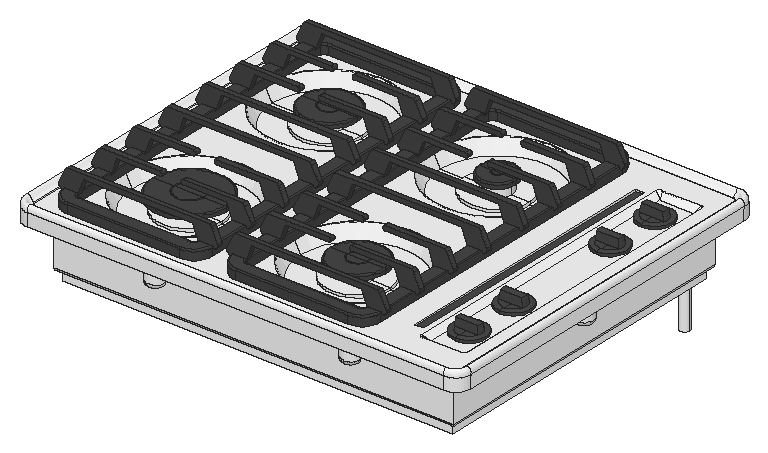
Revit family "QF_Summit_WTL033S_Cooktop", category Specialty Equipment, Revit 2020
Family settings
  Round Connector Dimension = Use Diameter
  Part Type = Normal
  Work Plane-Based = No
  Always vertical = Yes
  Cut with Voids When Loaded = No
  Shared = No
  Room Calculation Point = No
Parameters
  Weight in Pounds = 27
  Watts = 0 W
  Volts = 115 V
  URL Cutsheet = ""
  Specification by User = ""
  Specification by Manufacturer = ""
  Serial Number = ""
  Seismic Rating = ""
  SMACNA No = ""
  Revision Code = ""
  Plumbing Remarks = ""
  Plumbing Connection Type = ""
  Phase = 1
  Number of Poles = 1
  NAFEM Spec ID Number = ""
  Model = "WTL033S"
  Min Ckt Ampacity = 0 A
  Max Overcurrent Protection = 0 A
  Masterspec = ""
  Manufacturer = "Summit"
  Length = 24"
  Item Number = ""
  Installed By = ""
  Identify Quantity as Lot = yes
  Height = 4"
  HP = ""
  Gas Size = 0"
  Gas RI Height = 0"
  Gas KW = 0
  Gas Input = 12000.0 Btu/h
  Gas Connection Height = 0"
  Furnished By = ""
  Foodservice Equipment Identifier = yes
  FL Amps = 0 A
  Electrical Remarks = ""
  Elec Conn RI Height = 0"
  Elec Conn Connection Height = 0"
  Description = "Cooktop"
  Depth = 20"
  Default Elevation = 0"
  Cycle = 60 Hz
  Conn Plug = "3 Prong Cord"
  Conn Conduit = yes
  CSI MasterFormat = ""
  Apparent Power = 0 VA
Reference planes (in)
  plane 1 "BACK": y = 0
  plane 2: z = 0
  plane 3 "LEFT": x = 0
  plane 4 "RIGHT": x = 24
  plane 5 "FRONT": y = -20
  plane 6 "TOP": z = 4
  plane 7 "Center Y": x = 12
  plane 8 "Center X": y = -10
  plane 9: z = 3
  plane 10: z = 0.5
  plane 11: z = -2.5
Forms (in)
  Sweep 1, solid, material "QF_Plastic_White_Smooth"
    path origin (0, 0, 3.99988) x (-1, 0, 0) y (0, -1, 0)
      loop
        line (-0.0625, 0.8125) -> (-0.0625, 19.1875)
        arc (-0.0625, 19.1875) -> (-0.28217, 19.71783) -> (-0.8125, 19.9375) r 0.75
        line (-0.8125, 19.9375) -> (-23.1875, 19.9375)
        arc (-23.1875, 19.9375) -> (-23.71783, 19.71783) -> (-23.9375, 19.1875) r 0.75
        line (-23.9375, 19.1875) -> (-23.9375, 0.8125)
        arc (-23.9375, 0.8125) -> (-23.71783, 0.28217) -> (-23.1875, 0.0625) r 0.75
        line (-23.1875, 0.0625) -> (-0.8125, 0.0625)
        arc (-0.8125, 0.0625) -> (-0.28217, 0.28217) -> (-0.0625, 0.8125) r 0.75
    profile origin (0.0625, -10, 3.99988) x (1, 0, 0) y (0, 0, 1)
      loop
        line (0.50007, -0.99988) -> (0.50007, -0.24988)
        spline (0.50007, -0.24988) -> (0.38683, -0.22526) -> (0.30986, -0.16677) -> (0.25459, -0.09746) -> (0.20654, -0.0403) -> (0.15715, -0.00897) -> (0.1083, -0.00102) -> (0.06291, -0.01235) -> (0.02367, -0.03905) -> (-0.00886, -0.07917) -> (-0.03532, -0.13183) -> (-0.05489, -0.20201) -> (-0.06266, -0.31115)
        line (-0.06266, -0.31115) -> (-0.06266, -0.99988) -> (0.50007, -0.99988)
  Extrusion 2, solid, material "QF_Plastic_White_Smooth"
    sketch origin (23.1875, -0.5625, 3.49988) x (0, 1, 0) y (1, 0, 0)
      loop
        circle (-4.74127, -17.90956) r 3.49904
      loop
        line (-18.875, 0) -> (-18.875, -22.375)
        arc (-18.875, -22.375) -> (-18.80178, -22.55178) -> (-18.625, -22.625) r 0.25
        line (-18.625, -22.625) -> (-0.25, -22.625)
        arc (-0.25, -22.625) -> (-0.07322, -22.55178) -> (0, -22.375) r 0.25
        line (0, -22.375) -> (0, 0)
        arc (0, 0) -> (-0.07322, 0.17678) -> (-0.25, 0.25) r 0.25
        line (-0.25, 0.25) -> (-18.625, 0.25)
        arc (-18.625, 0.25) -> (-18.80178, 0.17678) -> (-18.875, 0) r 0.25
      loop
        circle (-4.74127, -8.85096) r 3.49904
      loop
        circle (-14.13373, -17.90956) r 3.49904
      loop
        circle (-14.13373, -8.85096) r 3.49904
    from 0.49988 to -0.25012
  Blend 3, void
    base sketch origin (23.18874, -0.56796, 3.79988) x (0, 1, 0) y (-1, 0, 0)
      loop
        arc (-1.25, 2.75) -> (-1.32322, 2.92678) -> (-1.5, 3) r 0.25
        line (-1.5, 3) -> (-17.375, 3)
        arc (-17.375, 3) -> (-17.55178, 2.92678) -> (-17.625, 2.75) r 0.25
        line (-17.625, 2.75) -> (-17.625, 0.5)
        arc (-17.625, 0.5) -> (-17.55178, 0.32322) -> (-17.375, 0.25) r 0.25
        line (-17.375, 0.25) -> (-1.5, 0.25)
        arc (-1.5, 0.25) -> (-1.32322, 0.32322) -> (-1.25, 0.5) r 0.25
        line (-1.25, 0.5) -> (-1.25, 2.75)
    top sketch origin (23.18874, -0.56796, 3.79988) x (0, 1, 0) y (-1, 0, 0)
      loop
        line (-1.71875, 2.53125) -> (-17.15625, 2.53125) -> (-17.15625, 0.71875) -> (-1.71875, 0.71875) -> (-1.71875, 2.53125)
    from 0.0625 to -0.31152
  Extrusion 4, void
    sketch origin (23.18874, -0.56796, 3.79988) x (0, 1, 0) y (-1, 0, 0)
      loop
        arc (-2, 3.5625) -> (-2.01831, 3.60669) -> (-2.0625, 3.625) r 0.0625
        line (-2.0625, 3.625) -> (-16.8125, 3.625)
        arc (-16.8125, 3.625) -> (-16.85669, 3.60669) -> (-16.875, 3.5625) r 0.0625
        line (-16.875, 3.5625) -> (-16.875, 3.1875)
        arc (-16.875, 3.1875) -> (-16.85669, 3.14331) -> (-16.8125, 3.125) r 0.0625
        line (-16.8125, 3.125) -> (-2.0625, 3.125)
        arc (-2.0625, 3.125) -> (-2.01831, 3.14331) -> (-2, 3.1875) r 0.0625
        line (-2, 3.1875) -> (-2, 3.5625)
    from 0.0625 to -0.125
  Revolve 5, solid, material "QF_Plastic_Black_Smooth"
    sketch origin (21.56528, -3, 0.48835) x (0, 1, 0) y (0, 0, 1)
      loop
        line (-0.75736, 3) -> (-0.50736, 3) -> (-0.50736, 3.07947) -> (0.15671, 3.07947) -> (0.15671, 3.2014)
        arc (0.15671, 3.2014) -> (0.03405, 3.23774) -> (-0.09329, 3.25) r 0.66737
        line (-0.09329, 3.25) -> (-0.75736, 3.25) -> (-0.75736, 3)
      axis (-0.75736, 3.25) -> (-0.75736, 3)
    angle from 0 to 360
  Blend 6, solid, material "QF_Plastic_Black_Smooth"
    base sketch origin (0, -3, 4.23835) x (-1, 0, 0) y (0, -1, 0)
      loop
        arc (-20.9318, 0.55812) -> (-20.90121, 0.75736) -> (-20.9318, 0.95659) r 0.66406
        line (-20.9318, 0.95659) -> (-22.19875, 0.95659)
        arc (-22.19875, 0.95659) -> (-22.22934, 0.75736) -> (-22.19875, 0.55812) r 0.66406
        line (-22.19875, 0.55812) -> (-20.9318, 0.55812)
    top sketch origin (0, -3, 4.23835) x (-1, 0, 0) y (0, -1, 0)
      loop
        arc (-20.98589, 0.57514) -> (-20.95791, 0.75736) -> (-20.98589, 0.93958) r 0.60736
        line (-20.98589, 0.93958) -> (-22.14466, 0.93958)
        arc (-22.14466, 0.93958) -> (-22.17264, 0.75736) -> (-22.14466, 0.57514) r 0.60736
        line (-22.14466, 0.57514) -> (-20.98589, 0.57514)
    from -0.5 to -0.05271
  Revolve 7, solid, material "QF_Plastic_Black_Smooth", not visible
    sketch origin (21.56528, -3, 0) x (0, 1, 0) y (0, 0, 1)
      loop
        line (-0.75736, 3) -> (-0.50736, 3) -> (-0.50736, 3.07947) -> (0.15671, 3.07947) -> (0.15671, 3.2014)
        arc (0.15671, 3.2014) -> (0.03405, 3.23774) -> (-0.09329, 3.25) r 0.66737
        line (-0.09329, 3.25) -> (-0.75736, 3.25) -> (-0.75736, 3)
      axis (-0.75736, 3.25) -> (-0.75736, 3)
    angle from 0 to 360
  Blend 8, solid, material "QF_Plastic_Black_Smooth", not visible
    base sketch origin (0, -3, 3.75) x (-1, 0, 0) y (0, -1, 0)
      loop
        arc (-20.9318, 0.55812) -> (-20.90121, 0.75736) -> (-20.9318, 0.95659) r 0.66406
        line (-20.9318, 0.95659) -> (-22.19875, 0.95659)
        arc (-22.19875, 0.95659) -> (-22.22934, 0.75736) -> (-22.19875, 0.55812) r 0.66406
        line (-22.19875, 0.55812) -> (-20.9318, 0.55812)
    top sketch origin (0, -3, 3.75) x (-1, 0, 0) y (0, -1, 0)
      loop
        arc (-20.98589, 0.57514) -> (-20.95791, 0.75736) -> (-20.98589, 0.93958) r 0.60736
        line (-20.98589, 0.93958) -> (-22.14466, 0.93958)
        arc (-22.14466, 0.93958) -> (-22.17264, 0.75736) -> (-22.14466, 0.57514) r 0.60736
        line (-22.14466, 0.57514) -> (-20.98589, 0.57514)
    from -0.5 to -0.05271
  Revolve 9, solid, material "QF_Plastic_Black_Smooth"
    sketch origin (21.56309, -3.00158, 0.48835) x (0, 1, 0) y (0, 0, 1)
      loop
        line (-3.75736, 3) -> (-3.50736, 3) -> (-3.50736, 3.07947) -> (-2.84329, 3.07947) -> (-2.84329, 3.2014)
        arc (-2.84329, 3.2014) -> (-2.96595, 3.23774) -> (-3.09329, 3.25) r 0.66737
        line (-3.09329, 3.25) -> (-3.75736, 3.25) -> (-3.75736, 3)
      axis (-3.75736, 3.25) -> (-3.75736, 3)
    angle from 0 to 360
  Blend 10, solid, material "QF_Plastic_Black_Smooth"
    base sketch origin (-0.00218, -3.00158, 4.23835) x (-1, 0, 0) y (0, -1, 0)
      loop
        arc (-20.9318, 3.55812) -> (-20.90121, 3.75736) -> (-20.9318, 3.95659) r 0.66406
        line (-20.9318, 3.95659) -> (-22.19875, 3.95659)
        arc (-22.19875, 3.95659) -> (-22.22934, 3.75736) -> (-22.19875, 3.55812) r 0.66406
        line (-22.19875, 3.55812) -> (-20.9318, 3.55812)
    top sketch origin (-0.00218, -3.00158, 4.23835) x (-1, 0, 0) y (0, -1, 0)
      loop
        arc (-20.98589, 3.57514) -> (-20.95791, 3.75736) -> (-20.98589, 3.93958) r 0.60736
        line (-20.98589, 3.93958) -> (-22.14466, 3.93958)
        arc (-22.14466, 3.93958) -> (-22.17264, 3.75736) -> (-22.14466, 3.57514) r 0.60736
        line (-22.14466, 3.57514) -> (-20.98589, 3.57514)
    from -0.5 to -0.05271
  Revolve 11, solid, material "QF_Plastic_Black_Smooth"
    sketch origin (21.56309, -6.00158, 0.48835) x (0, 1, 0) y (0, 0, 1)
      loop
        line (-10.24264, 3) -> (-10.24264, 3.25) -> (-10.90671, 3.25)
        arc (-10.90671, 3.25) -> (-11.03405, 3.23774) -> (-11.15671, 3.2014) r 0.66737
        line (-11.15671, 3.2014) -> (-11.15671, 3.07947) -> (-10.49264, 3.07947) -> (-10.49264, 3) -> (-10.24264, 3)
      axis (-10.24264, 3.25) -> (-10.24264, 3)
    angle from 0 to 360
  Blend 12, solid, material "QF_Plastic_Black_Smooth"
    base sketch origin (-0.00218, -6.00158, 4.23835) x (-1, 0, 0) y (0, -1, 0)
      loop
        line (-20.9318, 10.44188) -> (-22.19875, 10.44188)
        arc (-22.19875, 10.44188) -> (-22.22934, 10.24264) -> (-22.19875, 10.04341) r 0.66406
        line (-22.19875, 10.04341) -> (-20.9318, 10.04341)
        arc (-20.9318, 10.04341) -> (-20.90121, 10.24264) -> (-20.9318, 10.44188) r 0.66406
    top sketch origin (-0.00218, -6.00158, 4.23835) x (-1, 0, 0) y (0, -1, 0)
      loop
        line (-20.98589, 10.42486) -> (-22.14466, 10.42486)
        arc (-22.14466, 10.42486) -> (-22.17264, 10.24264) -> (-22.14466, 10.06042) r 0.60736
        line (-22.14466, 10.06042) -> (-20.98589, 10.06042)
        arc (-20.98589, 10.06042) -> (-20.95791, 10.24264) -> (-20.98589, 10.42486) r 0.60736
    from -0.5 to -0.05271
  Revolve 13, solid, material "QF_Plastic_Black_Smooth"
    sketch origin (21.56309, -3.00158, 0.48835) x (0, 1, 0) y (0, 0, 1)
      loop
        line (-10.24264, 3) -> (-10.24264, 3.25) -> (-10.90671, 3.25)
        arc (-10.90671, 3.25) -> (-11.03405, 3.23774) -> (-11.15671, 3.2014) r 0.66737
        line (-11.15671, 3.2014) -> (-11.15671, 3.07947) -> (-10.49264, 3.07947) -> (-10.49264, 3) -> (-10.24264, 3)
      axis (-10.24264, 3.25) -> (-10.24264, 3)
    angle from 0 to 360
  Blend 14, solid, material "QF_Plastic_Black_Smooth"
    base sketch origin (-0.00218, -3.00158, 4.23835) x (-1, 0, 0) y (0, -1, 0)
      loop
        line (-20.9318, 10.44188) -> (-22.19875, 10.44188)
        arc (-22.19875, 10.44188) -> (-22.22934, 10.24264) -> (-22.19875, 10.04341) r 0.66406
        line (-22.19875, 10.04341) -> (-20.9318, 10.04341)
        arc (-20.9318, 10.04341) -> (-20.90121, 10.24264) -> (-20.9318, 10.44188) r 0.66406
    top sketch origin (-0.00218, -3.00158, 4.23835) x (-1, 0, 0) y (0, -1, 0)
      loop
        line (-20.98589, 10.42486) -> (-22.14466, 10.42486)
        arc (-22.14466, 10.42486) -> (-22.17264, 10.24264) -> (-22.14466, 10.06042) r 0.60736
        line (-22.14466, 10.06042) -> (-20.98589, 10.06042)
        arc (-20.98589, 10.06042) -> (-20.95791, 10.24264) -> (-20.98589, 10.42486) r 0.60736
    from -0.5 to -0.05271
  Revolve 15, solid, material "QF_Plastic_Black_Smooth", not visible
    sketch origin (21.56528, -20.00316, 0) x (0, 1, 0) y (0, 0, 1)
      loop
        line (16.2458, 3) -> (16.4958, 3) -> (16.4958, 3.07947) -> (17.15986, 3.07947) -> (17.15986, 3.2014)
        arc (17.15986, 3.2014) -> (17.0372, 3.23774) -> (16.90986, 3.25) r 0.66737
        line (16.90986, 3.25) -> (16.2458, 3.25) -> (16.2458, 3)
      axis (16.2458, 3.25) -> (16.2458, 3)
    angle from 0 to 360
  Blend 16, solid, material "QF_Plastic_Black_Smooth", not visible
    base sketch origin (0, -20.00316, 3.75) x (-1, 0, 0) y (0, -1, 0)
      loop
        arc (-20.9318, -16.44503) -> (-20.90121, -16.2458) -> (-20.9318, -16.04657) r 0.66406
        line (-20.9318, -16.04657) -> (-22.19875, -16.04657)
        arc (-22.19875, -16.04657) -> (-22.22934, -16.2458) -> (-22.19875, -16.44503) r 0.66406
        line (-22.19875, -16.44503) -> (-20.9318, -16.44503)
    top sketch origin (0, -20.00316, 3.75) x (-1, 0, 0) y (0, -1, 0)
      loop
        arc (-20.98589, -16.42802) -> (-20.95791, -16.2458) -> (-20.98589, -16.06358) r 0.60736
        line (-20.98589, -16.06358) -> (-22.14466, -16.06358)
        arc (-22.14466, -16.06358) -> (-22.17264, -16.2458) -> (-22.14466, -16.42802) r 0.60736
        line (-22.14466, -16.42802) -> (-20.98589, -16.42802)
    from -0.5 to -0.05271
  Extrusion 17, solid, material "QF_Plastic_White_Smooth"
    sketch origin (9.68847, 8.08075, 0) x (-1, 0, 0) y (0, 1, 0)
      loop
        circle (-12, -10) r 0.25
    from -0.5 to 2.5
  Sweep 18, solid, material "QF_Plastic_White_Smooth"
    path origin (0, 0, 0) x (1, 0, 0) y (0, 1, 0)
      loop
        line (22.75, -1.25) -> (1.25, -1.25) -> (1.25, -18.75) -> (22.75, -18.75) -> (22.75, -1.25)
    profile origin (22.75, -10, 0) x (1, 0, 0) y (0, 0, 1)
      loop
        line (-0.25, 0) -> (-0.25, 0.5) -> (-0.13174, 0.5)
        arc (-0.13174, 0.5) -> (-0.03859, 0.53859) -> (0, 0.63174) r 0.13174
        line (0, 0.63174) -> (0, 3) -> (-0.125, 3) -> (-0.125, 0.625) -> (-0.375, 0.625) -> (-0.375, 0) -> (-0.25, 0)
  Extrusion 19, solid, material "QF_Plastic_White_Smooth"
    sketch origin (22.375, -1.625, 0.625) x (0, -1, 0) y (1, 0, 0)
      loop
        line (0, -20.75) -> (16.75, -20.75) -> (16.75, 0) -> (0, 0) -> (0, -20.75)
    from 0 to -0.125
  Extrusion 20, solid, material "QF_Plastic_White_Smooth"
    sketch origin (22.375, -1.625, 0.5) x (1, 0, 0) y (0, -1, 0)
      loop
        circle (-1.43653, 0.29425) r 0.25
    from 0 to 0.0625
  Revolve 21, solid, material "QF_Metal_Black"
    sketch origin (0, -5.30377, 0) x (1, 0, 0) y (0, 0, 1)
      loop
        line (5.27794, 3.69939) -> (5.27794, 3.94939) -> (4.77794, 3.94939) -> (4.77794, 3.88689) -> (4.71544, 3.88689) -> (4.71544, 3.94939) -> (3.84044, 3.94939)
        arc (3.84044, 3.94939) -> (3.79624, 3.93109) -> (3.77794, 3.88689) r 0.0625
        line (3.77794, 3.88689) -> (3.77794, 3.69939) -> (5.27794, 3.69939)
      axis (5.27794, 3.69939) -> (5.27794, 3.94939)
    angle from 0 to 360
  Revolve 22, solid, material "QF_Metal_Black"
    sketch origin (9.0586, -14.69623, 0) x (1, 0, 0) y (0, 0, 1)
      loop
        line (5.27794, 3.69939) -> (5.27794, 3.94939) -> (4.77794, 3.94939) -> (4.77794, 3.88689) -> (4.71544, 3.88689) -> (4.71544, 3.94939) -> (3.84044, 3.94939)
        arc (3.84044, 3.94939) -> (3.79624, 3.93109) -> (3.77794, 3.88689) r 0.0625
        line (3.77794, 3.88689) -> (3.77794, 3.69939) -> (5.27794, 3.69939)
      axis (5.27794, 3.69939) -> (5.27794, 3.94939)
    angle from 0 to 360
  Revolve 23, solid, material "QF_Metal_Black"
    sketch origin (0, -5.30377, 0) x (1, 0, 0) y (0, 0, 1)
      loop
        line (14.33654, 3.94939) -> (14.08654, 3.94939) -> (14.08654, 3.88689) -> (14.02404, 3.88689) -> (14.02404, 3.94939) -> (13.39904, 3.94939)
        arc (13.39904, 3.94939) -> (13.35484, 3.93109) -> (13.33654, 3.88689) r 0.0625
        line (13.33654, 3.88689) -> (13.33654, 3.69939) -> (14.33654, 3.69939) -> (14.33654, 3.94939)
      axis (14.33654, 3.69939) -> (14.33654, 3.94939)
    angle from 0 to 360
  Revolve 24, solid, material "QF_Metal_Black"
    sketch origin (0, -14.69623, 0) x (1, 0, 0) y (0, 0, 1)
      loop
        line (5.27794, 3.69939) -> (5.27794, 3.94939) -> (4.52794, 3.94939) -> (4.52794, 3.88689) -> (4.46544, 3.88689) -> (4.46544, 3.94939) -> (3.34044, 3.94939)
        arc (3.34044, 3.94939) -> (3.29624, 3.93109) -> (3.27794, 3.88689) r 0.0625
        line (3.27794, 3.88689) -> (3.27794, 3.69939) -> (5.27794, 3.69939)
      axis (5.27794, 3.69939) -> (5.27794, 3.94939)
    angle from 0 to 360
  Revolve 25, solid, material "QF_Plastic_White_Smooth"
    sketch origin (0, -10, 0) x (1, 0, 0) y (0, 0, 1)
      loop
        line (1.25, 3) -> (0.75, 3) -> (0.75, 2)
        arc (0.75, 2) -> (0.8255, 1.83445) -> (1, 1.7829) r 0.21926
        line (1, 1.7829) -> (1.25, 1.7829) -> (1.25, 3)
      axis (1.25, 1.7829) -> (1.25, 3)
    angle from -90 to 90
  Revolve 26, solid, material "QF_Plastic_White_Smooth"
    sketch origin (24, -10, 0) x (-1, 0, 0) y (0, 0, -1)
      loop
        line (1.25, -3) -> (1.25, -1.7829) -> (1, -1.7829)
        arc (1, -1.7829) -> (0.8255, -1.83445) -> (0.75, -2) r 0.21926
        line (0.75, -2) -> (0.75, -3) -> (1.25, -3)
      axis (1.25, -1.7829) -> (1.25, -3)
    angle from -90 to 90
  Revolve 27, solid, material "QF_Plastic_White_Smooth"
    sketch origin (18.44698, -1.25, 0) x (-1, 0, 0) y (0, 0, -1)
      loop
        line (1.25, -3) -> (1.25, -1.7829) -> (1, -1.7829)
        arc (1, -1.7829) -> (0.8255, -1.83445) -> (0.75, -2) r 0.21926
        line (0.75, -2) -> (0.75, -3) -> (1.25, -3)
      axis (1.25, -1.7829) -> (1.25, -3)
    angle from 0 to 180
  Revolve 28, solid, material "QF_Plastic_White_Smooth"
    sketch origin (7.94698, -1.25, 0) x (-1, 0, 0) y (0, 0, -1)
      loop
        line (1.25, -3) -> (1.25, -1.7829) -> (1, -1.7829)
        arc (1, -1.7829) -> (0.8255, -1.83445) -> (0.75, -2) r 0.21926
        line (0.75, -2) -> (0.75, -3) -> (1.25, -3)
      axis (1.25, -1.7829) -> (1.25, -3)
    angle from 0 to 180
  Revolve 29, solid, material "QF_Plastic_White_Smooth"
    sketch origin (18.44698, -18.75, 0) x (-1, 0, 0) y (0, 0, 1)
      loop
        line (1.25, 3) -> (0.75, 3) -> (0.75, 2)
        arc (0.75, 2) -> (0.8255, 1.83445) -> (1, 1.7829) r 0.21926
        line (1, 1.7829) -> (1.25, 1.7829) -> (1.25, 3)
      axis (1.25, 1.7829) -> (1.25, 3)
    angle from 0 to 180
  Revolve 30, solid, material "QF_Plastic_White_Smooth"
    sketch origin (7.94698, -18.75, 0) x (-1, 0, 0) y (0, 0, 1)
      loop
        line (1.25, 3) -> (0.75, 3) -> (0.75, 2)
        arc (0.75, 2) -> (0.8255, 1.83445) -> (1, 1.7829) r 0.21926
        line (1, 1.7829) -> (1.25, 1.7829) -> (1.25, 3)
      axis (1.25, 1.7829) -> (1.25, 3)
    angle from 0 to 180
Cuts and joins
  Blend 3, Extrusion 4 cuts Extrusion 2
Lines and regions (in)
  symbolic lines
    curve 1: arc (21.56528, -2.84329, 4.23835) -> (20.65121, -3.75736, 4.23835) -> (21.56528, -4.67142, 4.23835) r 0.91406
    curve 2: arc (21.56528, -4.67142, 4.23835) -> (22.47934, -3.75736, 4.23835) -> (21.56528, -2.84329, 4.23835) r 0.91406
    curve 3: line (20.9318, -3.55812, 4.23835) -> (22.19875, -3.55812, 4.23835)
    curve 4: line (22.19875, -3.95659, 4.23835) -> (20.9318, -3.95659, 4.23835)
    curve 5: arc (20.9318, -3.55812, 4.23835) -> (20.90121, -3.75736, 4.23835) -> (20.9318, -3.95659, 4.23835) r 0.66406
    curve 6: arc (22.19875, -3.95659, 4.23835) -> (22.22934, -3.75736, 4.23835) -> (22.19875, -3.55812, 4.23835) r 0.66406
    curve 13: arc (21.56309, -5.84487, 4.23835) -> (20.64903, -6.75893, 4.23835) -> (21.56309, -7.673, 4.23835) r 0.91406
    curve 14: arc (21.56309, -7.673, 4.23835) -> (22.47716, -6.75893, 4.23835) -> (21.56309, -5.84487, 4.23835) r 0.91406
    curve 15: line (20.92962, -6.5597, 4.23835) -> (22.19657, -6.5597, 4.23835)
    curve 16: line (22.19657, -6.95817, 4.23835) -> (20.92962, -6.95817, 4.23835)
    curve 17: arc (20.92962, -6.5597, 4.23835) -> (20.89903, -6.75893, 4.23835) -> (20.92962, -6.95817, 4.23835) r 0.66406
    curve 18: arc (22.19657, -6.95817, 4.23835) -> (22.22716, -6.75893, 4.23835) -> (22.19657, -6.5597, 4.23835) r 0.66406
    curve 19: arc (21.56309, -17.15828, 4.23835) -> (20.64903, -16.24422, 4.23835) -> (21.56309, -15.33016, 4.23835) r 0.91406
    curve 20: arc (21.56309, -15.33016, 4.23835) -> (22.47716, -16.24422, 4.23835) -> (21.56309, -17.15828, 4.23835) r 0.91406
    curve 21: line (20.92962, -16.44345, 4.23835) -> (22.19657, -16.44345, 4.23835)
    curve 22: line (22.19657, -16.04499, 4.23835) -> (20.92962, -16.04499, 4.23835)
    curve 23: arc (20.92962, -16.44345, 4.23835) -> (20.89903, -16.24422, 4.23835) -> (20.92962, -16.04499, 4.23835) r 0.66406
    curve 24: arc (22.19657, -16.04499, 4.23835) -> (22.22716, -16.24422, 4.23835) -> (22.19657, -16.44345, 4.23835) r 0.66406
    curve 25: arc (21.56309, -14.15828, 4.23835) -> (20.64903, -13.24422, 4.23835) -> (21.56309, -12.33016, 4.23835) r 0.91406
    curve 26: arc (21.56309, -12.33016, 4.23835) -> (22.47716, -13.24422, 4.23835) -> (21.56309, -14.15828, 4.23835) r 0.91406
    curve 27: line (20.92962, -13.44345, 4.23835) -> (22.19657, -13.44345, 4.23835)
    curve 28: line (22.19657, -13.04499, 4.23835) -> (20.92962, -13.04499, 4.23835)
    curve 29: arc (20.92962, -13.44345, 4.23835) -> (20.89903, -13.24422, 4.23835) -> (20.92962, -13.04499, 4.23835) r 0.66406
    curve 30: arc (22.19657, -13.04499, 4.23835) -> (22.22716, -13.24422, 4.23835) -> (22.19657, -13.44345, 4.23835) r 0.66406
    curve 37: line (0.5625, -0.8125, 0) -> (0.5625, -19.1875, 0)
    curve 38: line (23.1875, -0.5625, 0) -> (0.8125, -0.5625, 0)
    curve 39: arc (0.5625, -0.8125, 0) -> (0.63572, -0.63572, 0) -> (0.8125, -0.5625, 0) r 0.25
    curve 40: arc (23.1875, -0.5625, 0) -> (23.36428, -0.63572, 0) -> (23.4375, -0.8125, 0) r 0.25
    curve 41: line (23.4375, -19.1875, 0) -> (23.4375, -0.8125, 0)
    curve 42: line (22.46999, -2.28671, 0) -> (20.65749, -2.28671, 0)
    curve 43: line (20.65749, -2.28671, 0) -> (20.65749, -17.72421, 0)
    curve 44: line (20.65749, -17.72421, 0) -> (22.46999, -17.72421, 0)
    curve 45: line (22.46999, -17.72421, 0) -> (22.46999, -2.28671, 0)
    curve 46: line (20.50446, -1.9588, 0) -> (22.62302, -1.9588, 0)
    curve 47: arc (22.62302, -1.9588, 0) -> (22.74668, -2.01002, 0) -> (22.7979, -2.13368, 0) r 0.17489
    curve 48: line (22.7979, -2.13368, 0) -> (22.7979, -17.87723, 0)
    curve 49: arc (22.7979, -17.87723, 0) -> (22.74668, -18.0009, 0) -> (22.62302, -18.05212, 0) r 0.17489
    curve 50: line (22.62302, -18.05212, 0) -> (20.50446, -18.05212, 0)
    curve 51: arc (20.50446, -18.05212, 0) -> (20.3808, -18.0009, 0) -> (20.32958, -17.87723, 0) r 0.17489
    curve 52: line (20.32958, -17.87723, 0) -> (20.32958, -2.13368, 0)
    curve 53: arc (20.32958, -2.13368, 0) -> (20.3808, -2.01002, 0) -> (20.50446, -1.9588, 0) r 0.17489
    curve 54: line (19.56374, -17.38046, 0) -> (19.56374, -2.63046, 0)
    curve 55: arc (19.56374, -2.63046, 0) -> (19.58205, -2.58626, 0) -> (19.62624, -2.56796, 0) r 0.0625
    curve 56: line (19.62624, -2.56796, 0) -> (20.00124, -2.56796, 0)
    curve 57: arc (20.00124, -2.56796, 0) -> (20.04543, -2.58626, 0) -> (20.06374, -2.63046, 0) r 0.0625
    curve 58: line (20.06374, -2.63046, 0) -> (20.06374, -17.38046, 0)
    curve 59: arc (20.06374, -17.38046, 0) -> (20.04543, -17.42465, 0) -> (20.00124, -17.44296, 0) r 0.0625
    curve 60: line (20.00124, -17.44296, 0) -> (19.62624, -17.44296, 0)
    curve 61: arc (19.62624, -17.44296, 0) -> (19.58205, -17.42465, 0) -> (19.56374, -17.38046, 0) r 0.0625
    curve 62: line (0.8125, -19.4375, 0) -> (23.1875, -19.4375, 0)
    curve 63: arc (23.4375, -19.1875, 0) -> (23.36428, -19.36428, 0) -> (23.1875, -19.4375, 0) r 0.25
    curve 64: arc (0.8125, -19.4375, 0) -> (0.63572, -19.36428, 0) -> (0.5625, -19.1875, 0) r 0.25
    curve 65: line (-0.00016, -19.1875, 0) -> (-0.00016, -0.8125, 0)
    curve 66: arc (-0.00016, -0.8125, 0) -> (0.23786, -0.23786, 0) -> (0.8125, 0.00016, 0) r 0.81266
    curve 67: line (0.8125, 0.00016, 0) -> (23.1875, 0.00016, 0)
    curve 68: arc (23.1875, 0.00016, 0) -> (23.76214, -0.23786, 0) -> (24.00016, -0.8125, 0) r 0.81266
    curve 69: line (24.00016, -0.8125, 0) -> (24.00016, -19.1875, 0)
    curve 70: arc (24.00016, -19.1875, 0) -> (23.76214, -19.76214, 0) -> (23.1875, -20.00016, 0) r 0.81266
    curve 71: line (23.1875, -20.00016, 0) -> (0.8125, -20.00016, 0)
    curve 72: arc (0.8125, -20.00016, 0) -> (0.23786, -19.76214, 0) -> (-0.00016, -19.1875, 0) r 0.81266
    curve 73: arc (6.77794, -5.30377, 0) -> (6.66138, -5.8835, 0) -> (6.32982, -6.37314, 0) r 1.5
    curve 74: arc (3.77794, -5.30377, 0) -> (3.86331, -4.80495, 0) -> (4.1097, -4.3629, 0) r 1.5
    curve 75: arc (4.77794, -5.30377, 0) -> (5.27794, -4.80377, 0) -> (5.77794, -5.30377, 0) r 0.5
    curve 76: arc (5.77794, -5.30377, 0) -> (5.27794, -5.80377, 0) -> (4.77794, -5.30377, 0) r 0.5
    curve 77: arc (12.5875, -5.30377, 0) -> (12.65602, -4.81901, 0) -> (12.8562, -4.37224, 0) r 1.74904
    curve 78: arc (16.08557, -5.30377, 0) -> (15.99446, -5.86093, 0) -> (15.7306, -6.36005, 0) r 1.74904
    curve 79: arc (15.33654, -5.30377, 0) -> (14.33654, -6.30377, 0) -> (13.33654, -5.30377, 0) r 1
    curve 80: arc (13.33654, -5.30377, 0) -> (14.33654, -4.30377, 0) -> (15.33654, -5.30377, 0) r 1
    curve 81: arc (14.08654, -5.30377, 0) -> (14.33654, -5.05377, 0) -> (14.58654, -5.30377, 0) r 0.25
    curve 82: arc (14.58654, -5.30377, 0) -> (14.33654, -5.55377, 0) -> (14.08654, -5.30377, 0) r 0.25
    curve 83: arc (3.27794, -14.69623, 0) -> (3.35793, -14.13624, 0) -> (3.59152, -13.62105, 0) r 2
    curve 84: arc (7.27794, -14.69623, 0) -> (7.2165, -15.18811, 0) -> (7.03599, -15.64978, 0) r 2
    curve 85: arc (6.02794, -14.69623, 0) -> (5.27794, -15.44623, 0) -> (4.52794, -14.69623, 0) r 0.75
    curve 86: arc (4.52794, -14.69623, 0) -> (5.27794, -13.94623, 0) -> (6.02794, -14.69623, 0) r 0.75
    curve 87: arc (15.83654, -14.69623, 0) -> (15.75536, -15.183, 0) -> (15.5206, -15.61709, 0) r 1.5
    curve 88: arc (12.83654, -14.69623, 0) -> (12.95142, -14.12051, 0) -> (13.27847, -13.63298, 0) r 1.5
    curve 89: arc (13.83654, -14.69623, 0) -> (14.33654, -14.19623, 0) -> (14.83654, -14.69623, 0) r 0.5
    curve 90: arc (14.83654, -14.69623, 0) -> (14.33654, -15.19623, 0) -> (13.83654, -14.69623, 0) r 0.5
    curve 91: arc (6.44829, -4.36554, 0) -> (6.69313, -4.80654, 0) -> (6.77794, -5.30377, 0) r 1.5
    curve 92: arc (6.00005, -6.61851, 0) -> (5.30676, -6.80349, 0) -> (4.60688, -6.64529, 0) r 1.5
    curve 93: arc (4.34823, -4.12663, 0) -> (5.27744, -3.80377, 0) -> (6.20686, -4.12602, 0) r 1.5
    curve 94: arc (4.24744, -6.39376, 0) -> (3.9003, -5.89717, 0) -> (3.77794, -5.30377, 0) r 1.5
    curve 95: arc (13.05236, -4.11632, 0) -> (14.34458, -3.55475, 0) -> (15.63158, -4.12819, 0) r 1.74904
    curve 96: arc (15.82032, -4.37775, 0) -> (16.01795, -4.82214, 0) -> (16.08557, -5.30377, 0) r 1.74904
    curve 97: arc (15.48489, -6.62302, 0) -> (14.35976, -7.05265, 0) -> (13.22361, -6.65304, 0) r 1.74904
    curve 98: arc (12.96297, -6.38656, 0) -> (12.68403, -5.87679, 0) -> (12.5875, -5.30377, 0) r 1.74904
    curve 99: arc (15.38444, -13.62296, 0) -> (15.7189, -14.11393, 0) -> (15.83654, -14.69623, 0) r 1.5
    curve 100: arc (15.26831, -15.87172, 0) -> (14.34457, -16.1962, 0) -> (13.41741, -15.88164, 0) r 1.5
    curve 101: arc (13.17061, -15.63995, 0) -> (12.92252, -15.19678, 0) -> (12.83654, -14.69623, 0) r 1.5
    curve 102: arc (6.98346, -13.65162, 0) -> (7.20291, -14.15357, 0) -> (7.27794, -14.69623, 0) r 2
    curve 103: arc (6.89066, -15.87906, 0) -> (5.26987, -16.69621, 0) -> (3.65572, -15.86601, 0) r 2
    curve 104: arc (3.49635, -15.60505, 0) -> (3.33331, -15.16358, 0) -> (3.27794, -14.69623, 0) r 2
    curve 105: arc (3.80563, -13.3426, 0) -> (5.31089, -12.6965, 0) -> (6.79404, -13.39184, 0) r 2
    curve 106: arc (5.27794, -11.19719, 0) -> (3.34087, -11.78229, 0) -> (2.05163, -13.34191, 0) r 3.49904
    curve 107: arc (5.27794, -18.19526, 0) -> (5.59399, -18.18096, 0) -> (5.90746, -18.13817, 0) r 3.49904
    curve 108: arc (2.17718, -14.69623, 0) -> (2.22514, -14.15294, 0) -> (2.36756, -13.62646, 0) r 3.10076
    curve 109: arc (8.37869, -14.69623, 0) -> (8.34399, -15.15887, 0) -> (8.24064, -15.61115, 0) r 3.10076
    curve 110: arc (11.23578, -14.69623, 0) -> (11.28396, -14.15172, 0) -> (11.42702, -13.62413, 0) r 3.10076
    curve 111: arc (17.43729, -14.69623, 0) -> (17.40204, -15.16245, 0) -> (17.29709, -15.61807, 0) r 3.10076
    curve 112: arc (16.08557, -14.69623, 0) -> (16.01649, -15.18295, 0) -> (15.81469, -15.63122, 0) r 1.74904
    curve 113: arc (12.5875, -14.69623, 0) -> (12.68122, -14.13137, 0) -> (12.95235, -13.62704, 0) r 1.74904
    curve 114: arc (14.33654, -1.80473, 0) -> (14.03211, -1.818, 0) -> (13.73, -1.8577, 0) r 3.49904
    curve 115: arc (17.43729, -5.30377, 0) -> (17.38888, -5.8496, 0) -> (17.24513, -6.37838, 0) r 3.10076
    curve 116: arc (11.23578, -5.30377, 0) -> (11.27196, -4.83145, 0) -> (11.37967, -4.37015, 0) r 3.10076
    curve 117: arc (2.17718, -5.30377, 0) -> (2.21285, -4.83475, 0) -> (2.31907, -4.37652, 0) r 3.10076
    curve 118: arc (5.27794, -1.80473, 0) -> (4.93803, -1.82128, 0) -> (4.60134, -1.87077, 0) r 3.49904
    curve 119: arc (8.37869, -5.30377, 0) -> (8.32757, -5.86451, 0) -> (8.17588, -6.40676, 0) r 3.10076
    curve 120: arc (3.5289, -5.30377, 0) -> (3.59902, -4.8135, 0) -> (3.80375, -4.36254, 0) r 1.74904
    curve 121: arc (7.02697, -5.30377, 0) -> (6.93488, -5.86382, 0) -> (6.66831, -6.3649, 0) r 1.74904
    curve 122: arc (3.82427, -2.12098, 0) -> (2.70604, -2.9313, 0) -> (1.98841, -4.11116, 0) r 3.49904
    curve 123: arc (5.93047, -1.86612, 0) -> (5.60564, -1.82011, 0) -> (5.27794, -1.80473, 0) r 3.49904
    curve 124: arc (8.57049, -4.11957, 0) -> (7.86529, -2.94817, 0) -> (6.76501, -2.13646, 0) r 3.49904
    curve 125: arc (8.24134, -4.39111, 0) -> (8.34416, -4.8423, 0) -> (8.37869, -5.30377, 0) r 3.10076
    curve 126: arc (8.08523, -6.62052, 0) -> (5.27638, -8.40453, 0) -> (2.46932, -6.61769, 0) r 3.10076
    curve 127: arc (3.99761, -4.11217, 0) -> (5.2798, -3.55473, 0) -> (6.5608, -4.11491, 0) r 1.74904
    curve 128: arc (6.75932, -4.37391, 0) -> (6.95873, -4.81996, 0) -> (7.02697, -5.30377, 0) r 1.74904
    curve 129: arc (6.4133, -6.63421, 0) -> (5.29556, -7.05272, 0) -> (4.16961, -6.65682, 0) r 1.74904
    curve 130: arc (3.90112, -6.38243, 0) -> (3.62457, -5.87431, 0) -> (3.5289, -5.30377, 0) r 1.74904
    curve 131: arc (2.41441, -4.11426, 0) -> (5.28437, -2.20302, 0) -> (8.14637, -4.12615, 0) r 3.10076
    curve 132: arc (2.04204, -6.63503, 0) -> (2.90751, -7.87755, 0) -> (4.2169, -8.63806, 0) r 3.49904
    curve 133: arc (2.36155, -6.35706, 0) -> (2.22362, -5.83842, 0) -> (2.17718, -5.30377, 0) r 3.10076
    curve 134: arc (6.38919, -8.62166, 0) -> (7.6707, -7.8568, 0) -> (8.51692, -6.6275, 0) r 3.49904
    curve 135: arc (12.8899, -2.11778, 0) -> (11.75922, -2.93719, 0) -> (11.039, -4.13351, 0) r 3.49904
    curve 136: arc (14.98594, -1.86552, 0) -> (14.66266, -1.81996, 0) -> (14.33654, -1.80473, 0) r 3.49904
    curve 137: arc (17.62501, -4.10828, 0) -> (16.91317, -2.93644, 0) -> (15.80569, -2.12811, 0) r 3.49904
    curve 138: arc (17.29676, -4.38084, 0) -> (17.40196, -4.83698, 0) -> (17.43729, -5.30377, 0) r 3.10076
    curve 139: arc (11.47827, -4.10167, 0) -> (14.33572, -2.20301, 0) -> (17.19416, -4.10017, 0) r 3.10076
    curve 140: arc (11.10241, -6.63931, 0) -> (11.98253, -7.89257, 0) -> (13.31357, -8.64993, 0) r 3.49904
    curve 141: arc (17.14459, -6.61889, 0) -> (14.33712, -8.40453, 0) -> (11.52898, -6.61994, 0) r 3.10076
    curve 142: arc (11.42549, -6.37173, 0) -> (11.28358, -5.84611, 0) -> (11.23578, -5.30377, 0) r 3.10076
    curve 143: arc (15.4321, -8.62687, 0) -> (16.71229, -7.87263, 0) -> (17.56407, -6.65516, 0) r 3.49904
    curve 144: arc (13.23102, -11.37642, 0) -> (11.96228, -12.12598, 0) -> (11.11465, -13.33142, 0) r 3.49904
    curve 145: arc (17.56274, -13.34166, 0) -> (16.74465, -12.15767, 0) -> (15.51919, -11.40311, 0) r 3.49904
    curve 146: arc (17.24339, -13.61692, 0) -> (17.38843, -14.14793, 0) -> (17.43729, -14.69623, 0) r 3.10076
    curve 147: arc (17.19739, -15.89215, 0) -> (14.33204, -17.79698, 0) -> (11.47223, -15.88384, 0) r 3.10076
    curve 148: arc (11.38, -15.63089, 0) -> (11.27205, -15.16909, 0) -> (11.23578, -14.69623, 0) r 3.10076
    curve 149: arc (11.55318, -13.32962, 0) -> (14.35624, -11.59553, 0) -> (17.13704, -13.36511, 0) r 3.10076
    curve 150: arc (11.03871, -15.86566, 0) -> (11.76376, -17.06774, 0) -> (12.90292, -17.88809, 0) r 3.49904
    curve 151: arc (15.8035, -17.8729, 0) -> (16.8872, -17.09151, 0) -> (17.59903, -15.96089, 0) r 3.49904
    curve 152: arc (6.78733, -17.85297, 0) -> (7.85065, -17.06781, 0) -> (8.54684, -15.94423, 0) r 3.49904
    curve 153: arc (4.69103, -18.14569, 0) -> (4.98344, -18.18285, 0) -> (5.27794, -18.19526, 0) r 3.49904
    curve 154: arc (8.13822, -15.8935, 0) -> (5.27214, -17.79698, 0) -> (2.4132, -15.88281, 0) r 3.10076
    curve 155: arc (8.17474, -13.59023, 0) -> (8.32728, -14.1339, 0) -> (8.37869, -14.69623, 0) r 3.10076
    curve 156: arc (8.50017, -13.33225, 0) -> (7.21063, -11.77939, 0) -> (5.27794, -11.19719, 0) r 3.49904
    curve 157: arc (2.00679, -15.93836, 0) -> (2.73072, -17.09518, 0) -> (3.8421, -17.8871, 0) r 3.49904
    curve 158: arc (2.47364, -13.37311, 0) -> (5.27778, -11.59547, 0) -> (8.0821, -13.37283, 0) r 3.10076
    curve 159: arc (2.31178, -15.59991, 0) -> (2.21101, -15.15306, 0) -> (2.17718, -14.69623, 0) r 3.10076
    curve 160: arc (15.03423, -18.125, 0) -> (14.33654, -18.19526, 0) -> (13.63885, -18.125, 0) r 3.49904
    curve 161: arc (13.20598, -13.3617, 0) -> (14.3505, -12.94724, 0) -> (15.48826, -13.37992, 0) r 1.74904
    curve 162: arc (13.63365, -13.3711, 0) -> (14.3413, -13.19623, 0) -> (15.04782, -13.37559, 0) r 1.5
    curve 163: arc (15.7134, -13.61763, 0) -> (15.98991, -14.12572, 0) -> (16.08557, -14.69623, 0) r 1.74904
    curve 164: arc (12.84859, -15.61554, 0) -> (12.65404, -15.17406, 0) -> (12.5875, -14.69623, 0) r 1.74904
    curve 165: arc (15.62868, -15.875, 0) -> (14.33654, -16.44526, 0) -> (13.0444, -15.875, 0) r 1.74904
  symbolic lines, not visible
    curve 7: arc (21.56528, -2.84329, 3.75) -> (20.65121, -3.75736, 3.75) -> (21.56528, -4.67142, 3.75) r 0.91406
    curve 8: arc (21.56528, -4.67142, 3.75) -> (22.47934, -3.75736, 3.75) -> (21.56528, -2.84329, 3.75) r 0.91406
    curve 9: line (20.9318, -3.55812, 3.75) -> (22.19875, -3.55812, 3.75)
    curve 10: line (22.19875, -3.95659, 3.75) -> (20.9318, -3.95659, 3.75)
    curve 11: arc (20.9318, -3.55812, 3.75) -> (20.90121, -3.75736, 3.75) -> (20.9318, -3.95659, 3.75) r 0.66406
    curve 12: arc (22.19875, -3.95659, 3.75) -> (22.22934, -3.75736, 3.75) -> (22.19875, -3.55812, 3.75) r 0.66406
    curve 31: arc (21.56528, -2.84329, 3.75) -> (20.65121, -3.75736, 3.75) -> (21.56528, -4.67142, 3.75) r 0.91406
    curve 32: arc (21.56528, -4.67142, 3.75) -> (22.47934, -3.75736, 3.75) -> (21.56528, -2.84329, 3.75) r 0.91406
    curve 33: line (20.9318, -3.55812, 3.75) -> (22.19875, -3.55812, 3.75)
    curve 34: line (22.19875, -3.95659, 3.75) -> (20.9318, -3.95659, 3.75)
    curve 35: arc (20.9318, -3.55812, 3.75) -> (20.90121, -3.75736, 3.75) -> (20.9318, -3.95659, 3.75) r 0.66406
    curve 36: arc (22.19875, -3.95659, 3.75) -> (22.22934, -3.75736, 3.75) -> (22.19875, -3.55812, 3.75) r 0.66406
Dimensions and locks (in)
  equal spacing: plane 3 "LEFT", plane 7 "Center Y", plane 4 "RIGHT"
  "Length": plane 3 "LEFT" to plane 4 "RIGHT"
  equal spacing: plane 5 "FRONT", plane 8 "Center X", plane 1 "BACK"
  "Depth": plane 5 "FRONT" to plane 1 "BACK"
  "Height": plane 6 "TOP" to level
  plane 9 to level = 3"
  plane 9 to plane 10 = 2 1/2"
  plane 10 to plane 11 = 3"
  aligned and locked: level to plane 2
Automatic sketch dimensions
  Blend 6 sketch curve to Blend 6 sketch curve = 0.63347"  (x2)
  Blend 6 sketch curve to Blend 6 sketch curve = 51/256"
  Blend 6 sketch curve to Blend 6 sketch curve = 0"  (x10)
  Blend 6 sketch curve to Blend 6 sketch curve = 0.57938"  (x2)
  Blend 6 sketch curve to Blend 6 sketch curve = 0.18222"
  curve 4 to curve 1 = 0.63347"
  curve 3 to curve 1 = 51/256"
  curve 2 to curve 5 = 183/256"
  curve 3 to curve 4 = 0"
  curve 2 to curve 3 = 0.63347"
  curve 2 to curve 5 = 0"  (x4)
  curve 2 to curve 6 = 0"  (x3)
  curve 5 to curve 6 = 0"  (x3)
  curve 1 to curve 2 = 0"  (x2)
  curve 1 to curve 5 = 0"  (x2)
  curve 1 to curve 6 = 0"  (x2)
  Blend 8 sketch curve to Blend 8 sketch curve = 0.63347"  (x2)
  Blend 8 sketch curve to Blend 8 sketch curve = 51/256"
  Blend 8 sketch curve to Blend 8 sketch curve = 0"  (x10)
  Blend 8 sketch curve to Blend 8 sketch curve = 0.57938"  (x2)
  Blend 8 sketch curve to Blend 8 sketch curve = 0.18222"
  curve 10 to curve 7 = 0.63347"
  curve 9 to curve 7 = 51/256"
  curve 8 to curve 11 = 183/256"
  curve 9 to curve 10 = 0"
  curve 8 to curve 9 = 0.63347"
  curve 8 to curve 11 = 0"  (x4)
  curve 8 to curve 12 = 0"  (x3)
  curve 11 to curve 12 = 0"  (x3)
  curve 7 to curve 8 = 0"  (x2)
  curve 7 to curve 11 = 0"  (x2)
  curve 7 to curve 12 = 0"  (x2)
  Revolve 9 sketch curve to Revolve 9 sketch curve = 1/4"  (x2)
  Revolve 9 sketch curve to Revolve 9 sketch curve = 53/128"
  Revolve 9 sketch curve to Revolve 9 sketch curve = 85/128"
  Revolve 9 sketch curve to Revolve 9 sketch curve = 0"
  Revolve 9 sketch curve to Revolve 9 sketch curve = 0.12193"
  Blend 10 sketch curve to Blend 10 sketch curve = 0.63347"  (x2)
  Blend 10 sketch curve to Blend 10 sketch curve = 51/256"
  Blend 10 sketch curve to Blend 10 sketch curve = 0"  (x10)
  Blend 10 sketch curve to Blend 10 sketch curve = 0.57938"  (x2)
  Blend 10 sketch curve to Blend 10 sketch curve = 0.18222"
  Revolve 9 sketch curve to Revolve 9 sketch curve = 0.41737"
  Revolve 9 sketch curve to Revolve 9 sketch curve = 0.07947"
  Revolve 9 sketch curve to Revolve 9 sketch curve = 0.30818"
  Revolve 11 sketch curve to Revolve 11 sketch curve = 1/4"  (x2)
  Revolve 11 sketch curve to Revolve 11 sketch curve = 53/128"
  Revolve 11 sketch curve to Revolve 11 sketch curve = 85/128"
  Revolve 11 sketch curve to Revolve 11 sketch curve = 0"
  Revolve 11 sketch curve to Revolve 11 sketch curve = 0.12193"
  Blend 12 sketch curve to Blend 12 sketch curve = 0.63347"  (x2)
  Blend 12 sketch curve to Blend 12 sketch curve = 51/256"
  Blend 12 sketch curve to Blend 12 sketch curve = 0"  (x10)
  Blend 12 sketch curve to Blend 12 sketch curve = 0.57938"  (x2)
  Blend 12 sketch curve to Blend 12 sketch curve = 0.18222"
  Revolve 11 sketch curve to Revolve 11 sketch curve = 0.41737"
  Revolve 11 sketch curve to Revolve 11 sketch curve = 0.07947"
  Revolve 11 sketch curve to Revolve 11 sketch curve = 0.30818"
  Revolve 13 sketch curve to Revolve 13 sketch curve = 1/4"  (x2)
  Revolve 13 sketch curve to Revolve 13 sketch curve = 53/128"
  Revolve 13 sketch curve to Revolve 13 sketch curve = 85/128"
  Revolve 13 sketch curve to Revolve 13 sketch curve = 0"
  Revolve 13 sketch curve to Revolve 13 sketch curve = 0.12193"
  Blend 14 sketch curve to Blend 14 sketch curve = 0.63347"  (x2)
  Blend 14 sketch curve to Blend 14 sketch curve = 51/256"
  Blend 14 sketch curve to Blend 14 sketch curve = 0"  (x10)
  Blend 14 sketch curve to Blend 14 sketch curve = 0.57938"  (x2)
  Blend 14 sketch curve to Blend 14 sketch curve = 0.18222"
  Revolve 13 sketch curve to Revolve 13 sketch curve = 0.41737"
  Revolve 13 sketch curve to Revolve 13 sketch curve = 0.07947"
  Revolve 13 sketch curve to Revolve 13 sketch curve = 0.30818"
  curve 16 to curve 13 = 0.63347"
  curve 15 to curve 13 = 51/256"
  curve 14 to curve 17 = 183/256"
  curve 15 to curve 16 = 0"
  curve 14 to curve 15 = 0.63347"
  curve 14 to curve 17 = 0"  (x4)
  curve 14 to curve 18 = 0"  (x3)
  curve 17 to curve 18 = 0"  (x3)
  curve 13 to curve 14 = 0"  (x2)
  curve 13 to curve 17 = 0"  (x2)
  curve 13 to curve 18 = 0"  (x2)
  curve 22 to curve 19 = 0.63347"
  curve 19 to curve 21 = 51/256"
  curve 23 to curve 20 = 183/256"
  curve 21 to curve 22 = 0"
  curve 20 to curve 21 = 0.63347"
  curve 20 to curve 23 = 0"  (x4)
  curve 20 to curve 24 = 0"  (x3)
  curve 23 to curve 24 = 0"  (x3)
  curve 19 to curve 20 = 0"  (x2)
  curve 19 to curve 23 = 0"  (x2)
  curve 19 to curve 24 = 0"  (x2)
  curve 28 to curve 25 = 0.63347"
  curve 25 to curve 27 = 51/256"
  curve 29 to curve 26 = 183/256"
  curve 27 to curve 28 = 0"
  curve 26 to curve 27 = 0.63347"
  curve 26 to curve 29 = 0"  (x4)
  curve 26 to curve 30 = 0"  (x3)
  curve 29 to curve 30 = 0"  (x3)
  curve 25 to curve 26 = 0"  (x2)
  curve 25 to curve 29 = 0"  (x2)
  curve 25 to curve 30 = 0"  (x2)
  Revolve 15 sketch curve to Revolve 15 sketch curve = 1/4"  (x2)
  Revolve 15 sketch curve to Revolve 15 sketch curve = 53/128"
  Revolve 15 sketch curve to Revolve 15 sketch curve = 85/128"
  Revolve 15 sketch curve to Revolve 15 sketch curve = 0"
  Revolve 15 sketch curve to Revolve 15 sketch curve = 0.12193"
  Blend 16 sketch curve to Blend 16 sketch curve = 0.63347"  (x2)
  Blend 16 sketch curve to Blend 16 sketch curve = 51/256"
  Blend 16 sketch curve to Blend 16 sketch curve = 0"  (x10)
  Blend 16 sketch curve to Blend 16 sketch curve = 0.57938"  (x2)
  Blend 16 sketch curve to Blend 16 sketch curve = 0.18222"
  Revolve 15 sketch curve to Revolve 15 sketch curve = 0.41737"
  Revolve 15 sketch curve to Revolve 15 sketch curve = 0.07947"
  Revolve 15 sketch curve to Revolve 15 sketch curve = 0.30818"
  curve 34 to curve 31 = 0.63347"
  curve 33 to curve 31 = 51/256"
  curve 32 to curve 35 = 183/256"
  curve 33 to curve 34 = 0"
  curve 32 to curve 33 = 0.63347"
  curve 32 to curve 35 = 0"  (x4)
  curve 32 to curve 36 = 0"  (x3)
  curve 35 to curve 36 = 0"  (x3)
  curve 31 to curve 32 = 0"  (x2)
  curve 31 to curve 35 = 0"  (x2)
  curve 31 to curve 36 = 0"  (x2)
  Revolve 5 sketch curve to Revolve 5 sketch curve = 1/4"  (x2)
  Revolve 5 sketch curve to Revolve 5 sketch curve = 53/128"
  Revolve 5 sketch curve to Revolve 5 sketch curve = 0.41737"
  Revolve 5 sketch curve to Revolve 5 sketch curve = 0.07947"
  Revolve 5 sketch curve to Revolve 5 sketch curve = 0.12193"
  Revolve 5 sketch curve to Revolve 5 sketch curve = 0"  (x2)
  Revolve 5 sketch curve to Revolve 5 sketch curve = 0.30818"
  Revolve 7 sketch curve to Revolve 7 sketch curve = 1/4"  (x2)
  Revolve 7 sketch curve to Revolve 7 sketch curve = 53/128"
  Revolve 7 sketch curve to Revolve 7 sketch curve = 0.41737"
  Revolve 7 sketch curve to Revolve 7 sketch curve = 0.07947"
  Revolve 7 sketch curve to Revolve 7 sketch curve = 0.12193"
  Revolve 7 sketch curve to Revolve 7 sketch curve = 0"  (x2)
  Revolve 7 sketch curve to Revolve 7 sketch curve = 0.30818"
  plane 4 "RIGHT" to Sweep 1 sketch curve = 1/16"
  Sweep 1 sketch curve to Sweep 1 sketch curve = 3/4"
  Sweep 1 sketch curve to plane 5 "FRONT" = 1/16"
  plane 4 "RIGHT" to Sweep 1 sketch curve = 13/16"
  plane 3 "LEFT" to Sweep 1 sketch curve = 13/16"  (x2)
  plane 3 "LEFT" to Sweep 1 sketch curve = 1/16"
  plane 1 "BACK" to Sweep 1 sketch curve = 13/16"
  profile plane to Sweep 1 sketch curve = 0.06266"
  Sweep 1 sketch curve to profile plane = 0.50007"
  Sweep 1 sketch curve to profile plane = 0.99988"
  Sweep 1 sketch curve to profile plane = 0.31115"
  Sweep 1 sketch curve to profile plane = 0.24988"
  Extrusion 2 sketch curve to plane 5 "FRONT" = 9/16"
  Extrusion 2 sketch curve to Extrusion 2 sketch curve = 1/4"  (x3)
  Extrusion 2 sketch curve to plane 8 "Center X" = 4.69623"  (x2)
  plane 7 "Center Y" to Extrusion 2 sketch curve = 2.33654"  (x2)
  plane 8 "Center X" to Extrusion 2 sketch curve = 4.69623"  (x2)
  plane 1 "BACK" to Extrusion 2 sketch curve = 13/16"  (x2)
  plane 4 "RIGHT" to Extrusion 2 sketch curve = 13/16"
  plane 3 "LEFT" to Extrusion 2 sketch curve = 5.27794"  (x2)
  plane 3 "LEFT" to Extrusion 2 sketch curve = 13/16"
  Blend 3 sketch curve to plane 5 "FRONT" = 1.80704"
  Blend 3 sketch curve to Blend 3 sketch curve = 1/4"  (x3)
  plane 4 "RIGHT" to Blend 3 sketch curve = 1.31126"
  plane 1 "BACK" to Blend 3 sketch curve = 2.06796"  (x2)
  Blend 3 sketch curve to Blend 3 sketch curve = 2 1/4"
  Blend 3 sketch curve to plane 5 "FRONT" = 2.27579"
  plane 1 "BACK" to Blend 3 sketch curve = 2.28671"
  plane 4 "RIGHT" to Blend 3 sketch curve = 1.53001"
  Blend 3 sketch curve to Blend 3 sketch curve = 1 13/16"
  Extrusion 4 sketch curve to plane 5 "FRONT" = 2.55704"
  Extrusion 4 sketch curve to Extrusion 4 sketch curve = 1/16"  (x3)
  plane 1 "BACK" to Extrusion 4 sketch curve = 2.63046"
  Extrusion 4 sketch curve to Extrusion 4 sketch curve = 0"
  plane 4 "RIGHT" to Extrusion 4 sketch curve = 3.93626"
  Extrusion 4 sketch curve to Extrusion 4 sketch curve = 3/8"
  plane 4 "RIGHT" to Extrusion 17 sketch curve = 2.31153"
  plane 1 "BACK" to Extrusion 17 sketch curve = 1.91925"
  plane 3 "LEFT" to Sweep 18 sketch curve = 1 1/4"
  plane 4 "RIGHT" to Sweep 18 sketch curve = 1 1/4"
  Sweep 18 sketch curve to plane 5 "FRONT" = 1 1/4"
  plane 1 "BACK" to Sweep 18 sketch curve = 1 1/4"
  Sweep 18 sketch curve to level = 0"
  profile plane to Sweep 18 sketch curve = 0"
  profile plane to Sweep 18 sketch curve = 1/8"
  Sweep 18 sketch curve to Sweep 18 sketch curve = 0.00674"
  profile plane to Sweep 18 sketch curve = 1/4"
  Sweep 18 sketch curve to Sweep 18 sketch curve = 1/8"  (x2)
  level to Sweep 18 sketch curve = 1/2"
  Sweep 18 sketch curve to Sweep 18 sketch curve = 2.36826"
  Extrusion 19 sketch curve to Sweep 18 = 0"  (x4)
  Extrusion 20 sketch curve to Extrusion 20 sketch curve = 0"  (x2)
  Extrusion 19 to Extrusion 20 sketch curve = 0.29425"
  Extrusion 19 to Extrusion 20 sketch curve = 1.43653"
  Extrusion 20 sketch curve to Extrusion 20 sketch curve = 1/4"
  Revolve 21 sketch curve to plane 6 "TOP" = 0.30061"
  plane 3 "LEFT" to Revolve 21 sketch curve = 3.77794"
  Revolve 21 sketch curve to Revolve 21 sketch curve = 1/16"  (x3)
  Revolve 21 sketch curve to plane 6 "TOP" = 0.05061"  (x2)
  Revolve 21 sketch curve to Revolve 21 sketch curve = 7/8"
  Revolve 21 sketch curve to Revolve 21 sketch curve = 1/2"
  Revolve 21 sketch curve to Revolve 21 sketch curve = 0"  (x2)
  plane 6 "TOP" to Revolve 21 sketch curve = 0.08522"
  Revolve 22 sketch curve to plane 6 "TOP" = 0.30061"
  plane 7 "Center Y" to Revolve 22 sketch curve = 0.83654"
  Revolve 22 sketch curve to Revolve 22 sketch curve = 1/16"  (x3)
  Revolve 22 sketch curve to plane 6 "TOP" = 0.05061"  (x2)
  Revolve 22 sketch curve to Revolve 22 sketch curve = 7/8"
  Revolve 22 sketch curve to Revolve 22 sketch curve = 1/2"
  Revolve 22 sketch curve to Revolve 22 sketch curve = 0"  (x2)
  plane 6 "TOP" to Revolve 22 sketch curve = 0.08522"
  Revolve 23 sketch curve to plane 6 "TOP" = 0"
  Revolve 23 sketch curve to plane 6 "TOP" = 0.30061"
  plane 7 "Center Y" to Revolve 23 sketch curve = 1.33654"
  Revolve 23 sketch curve to Revolve 23 sketch curve = 1/16"  (x3)
  Revolve 23 sketch curve to plane 6 "TOP" = 0.05061"  (x2)
  Revolve 23 sketch curve to Revolve 23 sketch curve = 5/8"
  Revolve 23 sketch curve to Revolve 23 sketch curve = 1/4"
  Revolve 23 sketch curve to Revolve 23 sketch curve = 0"
  plane 6 "TOP" to Revolve 23 sketch curve = 0.66712"
  Revolve 24 sketch curve to plane 6 "TOP" = 0.30061"
  plane 3 "LEFT" to Revolve 24 sketch curve = 3.27794"
  Revolve 24 sketch curve to Revolve 24 sketch curve = 1/16"  (x3)
  Revolve 24 sketch curve to plane 6 "TOP" = 0.11311"  (x2)
  Revolve 24 sketch curve to Revolve 24 sketch curve = 1 1/8"
  Revolve 24 sketch curve to Revolve 24 sketch curve = 3/4"
  Revolve 24 sketch curve to plane 6 "TOP" = 0.05061"
  Revolve 24 sketch curve to Revolve 24 sketch curve = 0"
  plane 6 "TOP" to Revolve 24 sketch curve = 0.18845"
  Revolve 25 sketch curve to plane 9 = 0"  (x2)
  plane 3 "LEFT" to Revolve 25 sketch curve = 3/4"
  Revolve 25 sketch curve to Revolve 25 sketch curve = 0.21926"
  Revolve 25 sketch curve to Revolve 25 sketch curve = 0.03074"
  Revolve 25 sketch curve to Revolve 25 sketch curve = 1/4"
  Revolve 25 sketch curve to plane 9 = 1"
  Revolve 25 sketch curve to Revolve 25 sketch curve = 0"
  plane 9 to Revolve 25 sketch curve = 0.41303"
  Revolve 26 sketch curve to plane 9 = 0"  (x2)
  plane 4 "RIGHT" to Revolve 26 sketch curve = 3/4"
  Revolve 26 sketch curve to Revolve 26 sketch curve = 0.21926"
  Revolve 26 sketch curve to Revolve 26 sketch curve = 0.03074"
  Revolve 26 sketch curve to Revolve 26 sketch curve = 1/4"
  Revolve 26 sketch curve to plane 9 = 1"
  Revolve 26 sketch curve to Revolve 26 sketch curve = 0"
  Revolve 26 sketch curve to Revolve 26 sketch curve = 0.41303"
  Revolve 27 sketch curve to plane 9 = 0"  (x2)
  Revolve 27 sketch curve to plane 9 = 1"
  plane 7 "Center Y" to Revolve 27 sketch curve = 5.69698"
  Revolve 27 sketch curve to Revolve 27 sketch curve = 0.21926"
  Revolve 27 sketch curve to Revolve 27 sketch curve = 0.03074"
  Revolve 27 sketch curve to Revolve 27 sketch curve = 1/4"
  Revolve 27 sketch curve to Revolve 27 sketch curve = 0"
  Revolve 27 sketch curve to Revolve 27 sketch curve = 0.41303"
  Revolve 28 sketch curve to plane 9 = 0"  (x2)
  Revolve 28 sketch curve to plane 9 = 1"
  Revolve 28 sketch curve to plane 7 "Center Y" = 4.80302"
  Revolve 28 sketch curve to Revolve 28 sketch curve = 0.21926"
  Revolve 28 sketch curve to Revolve 28 sketch curve = 0.03074"
  Revolve 28 sketch curve to Revolve 28 sketch curve = 1/4"
  Revolve 28 sketch curve to Revolve 28 sketch curve = 0"
  Revolve 28 sketch curve to Revolve 28 sketch curve = 0.41303"
  Revolve 29 sketch curve to plane 9 = 0"  (x2)
  Revolve 29 sketch curve to plane 9 = 1"
  plane 7 "Center Y" to Revolve 29 sketch curve = 5.69698"
  Revolve 29 sketch curve to Revolve 29 sketch curve = 0.21926"
  Revolve 29 sketch curve to Revolve 29 sketch curve = 0.03074"
  Revolve 29 sketch curve to Revolve 29 sketch curve = 1/4"
  Revolve 29 sketch curve to Revolve 29 sketch curve = 0"
  plane 9 to Revolve 29 sketch curve = 0.41303"
  Revolve 30 sketch curve to plane 9 = 0"  (x2)
  Revolve 30 sketch curve to plane 9 = 1"
  Revolve 30 sketch curve to plane 7 "Center Y" = 4.80302"
  Revolve 30 sketch curve to Revolve 30 sketch curve = 0.21926"
  Revolve 30 sketch curve to Revolve 30 sketch curve = 0.03074"
  Revolve 30 sketch curve to Revolve 30 sketch curve = 1/4"
  Revolve 30 sketch curve to Revolve 30 sketch curve = 0"
  plane 9 to Revolve 30 sketch curve = 0.41303"
  curve 39 to curve 66 = 0"  (x2)
  curve 40 to curve 68 = 0"  (x2)
  curve 63 to curve 70 = 0"  (x2)
  curve 64 to curve 72 = 0"  (x2)
  curve 73 to curve 74 = 0"  (x2)
  curve 73 to curve 75 = 0"  (x2)
  curve 73 to curve 76 = 0"  (x2)
  curve 73 to curve 91 = 0"  (x2)
  curve 73 to curve 92 = 0"  (x2)
  curve 73 to curve 93 = 0"  (x2)
  curve 73 to curve 94 = 0"  (x2)
  curve 73 to curve 117 = 0"  (x2)
  curve 73 to curve 118 = 0"  (x2)
  curve 73 to curve 119 = 0"  (x2)
  curve 73 to curve 120 = 0"  (x2)
  curve 73 to curve 121 = 0"  (x2)
  curve 73 to curve 122 = 0"  (x2)
  curve 73 to curve 123 = 0"  (x2)
  curve 73 to curve 124 = 0"  (x2)
  curve 73 to curve 125 = 0"  (x2)
  curve 73 to curve 126 = 0"  (x2)
  curve 73 to curve 127 = 0"  (x2)
  curve 73 to curve 128 = 0"  (x2)
  curve 73 to curve 129 = 0"  (x2)
  curve 73 to curve 130 = 0"  (x2)
  curve 73 to curve 131 = 0"  (x2)
  curve 73 to curve 132 = 0"  (x2)
  curve 73 to curve 133 = 0"  (x2)
  curve 73 to curve 134 = 0"  (x2)
  curve 74 to curve 75 = 0"  (x2)
  curve 74 to curve 76 = 0"  (x2)
  curve 74 to curve 91 = 0"  (x2)
  curve 74 to curve 92 = 0"  (x2)
  curve 74 to curve 93 = 0"  (x2)
  curve 74 to curve 94 = 0"  (x2)
  curve 74 to curve 117 = 0"  (x2)
  curve 74 to curve 118 = 0"  (x2)
  curve 74 to curve 119 = 0"  (x2)
  curve 74 to curve 120 = 0"  (x2)
  curve 74 to curve 121 = 0"  (x2)
  curve 74 to curve 122 = 0"  (x2)
  curve 74 to curve 123 = 0"  (x2)
  curve 74 to curve 124 = 0"  (x2)
  curve 74 to curve 125 = 0"  (x2)
  curve 74 to curve 126 = 0"  (x2)
  curve 74 to curve 127 = 0"  (x2)
  curve 74 to curve 128 = 0"  (x2)
  curve 74 to curve 129 = 0"  (x2)
  curve 74 to curve 130 = 0"  (x2)
  curve 74 to curve 131 = 0"  (x2)
  curve 74 to curve 132 = 0"  (x2)
  curve 74 to curve 133 = 0"  (x2)
  curve 74 to curve 134 = 0"  (x2)
  curve 75 to curve 76 = 0"  (x2)
  curve 75 to curve 91 = 0"  (x2)
  curve 75 to curve 92 = 0"  (x2)
  curve 75 to curve 93 = 0"  (x2)
